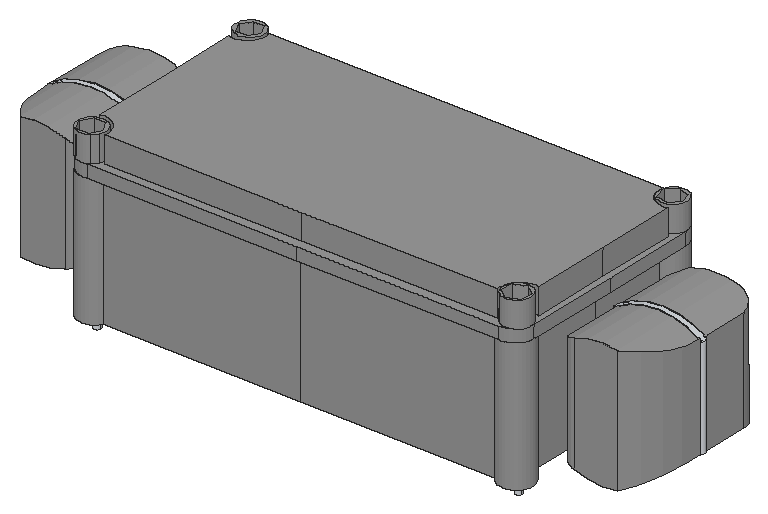
Revit family "LWP2LIFE-PRO-WPPOD-HV", category Lighting Fixtures, host Face, Revit 2020
Family settings
  Host = Face
  Round Connector Dimension = Use Diameter
  Part Type = Normal
  OmniClass Number = 23.80.70.11.21
  OmniClass Title = Emergency Lighting
  Cut with Voids When Loaded = No
  Light Source = Yes
  Shared = No
  Room Calculation Point = No
Parameters
  built-in parameter 1150107 = 3200 (stored number, unit not read)
  Straight line 'Face two' = no
  Straight line 'Face one' = no
  Straight line = no
  Runing Man common arrow = no
  Wattage = 9.2903 W
  built-in parameter 1150110 = 1 (stored number, unit not read)
  built-in parameter 1150109 = 1 (stored number, unit not read)
  built-in parameter 1114218 = 1 (stored number, unit not read)
  built-in parameter 1150113 = 1 (stored number, unit not read)
  built-in parameter 1150112 = 1 (stored number, unit not read)
  built-in parameter 1150137 = (empty or 0)
  built-in parameter 1150132 = (empty or 0)
  Model = ""
  Material = Clevertronics_White
  built-in parameter 1150105 = 109.82 (stored number, unit not read)
  built-in parameter 1150102 = (empty or 0)
  Dimming Lamp Color Temperature Shift = (empty or 0)
  Lumens = 1380 lm
  Color Filter = 16777215
  Photometric Web File = "CWP2LIFE-PRO-WPPOD_IESR_E_669-3_20180810.ies"
  built-in parameter 1114217 = 1 (stored number, unit not read)
  built-in parameter 1150139 = (empty or 0)
  Manufacturer = "Clevertronics"  # constant formula
  Lamp = "Twin Dual LED (Lifetime warranty on the lamp head and loom assembly)"  # constant formula
  Indication Right 'Face one' = no
  Indication Right = no
  Indication Left 'Face one' = yes
  Indication Left 'Face Two' = no
  Indication Left = yes
  built-in parameter 1150104 = 13.8 (stored number, unit not read)
  built-in parameter 1150106 = 1.0982 (stored number, unit not read)
  built-in parameter 1150115 = 1 (stored number, unit not read)
  built-in parameter 1150114 = 1 (stored number, unit not read)
  Description = "L10 Lithium Nanophosphate Lifelight Pro, high performance, IP65 surface mounted \r\nEmergency Light with twin rotatable LED Pods\r\nrotatable LED Pods"  # constant formula
  Default Elevation = 2100 mm
  built-in parameter 1150138 = (empty or 0)
  built-in parameter 1150134 = 3
  Clevertronics_Weight = "3.4kg"  # constant formula
  Clevertronics_Testing System = "Zoneworks XT HIVE (RF)"  # constant formula
  Clevertronics_Replacement Lamp = "2750353"  # constant formula
  Clevertronics_Replacement Battery = "1530050:Battery, L10 3.3V 2500mAh 70mm lead, no Bracket"  # constant formula
  Clevertronics_Product Description = "L10 Lithium Nanophosphate Lifelight Pro, high performance, IP65 surface mounted \r\nEmergency Light with twin rotatable LED Pods"  # constant formula
  Clevertronics_Power Consumption = "0.8 Watts (Standby), 5.5 Watts (Max)"  # constant formula
  Clevertronics_Part Number = "LWP2LIFE-PRO-WPPOD-HV"  # constant formula
  Clevertronics_Operating Voltage = "240V AC; 50Hz"  # constant formula
  Clevertronics_Operating Temperature = "0˚C to 40˚C"  # constant formula
  Clevertronics_Operating Mode = "Non-maintained"  # constant formula
  Clevertronics_Mounting = "Surface mount"  # constant formula
  Clevertronics_MIC Number = "AUT01820080001"  # constant formula
  Clevertronics_IP Rating = "IP65"  # constant formula
  Clevertronics_Dimensions Main Enclosure = "520mm x 180mm x 135mm"  # constant formula
  Clevertronics_Dimensions LED Enclosure = ""
  Clevertronics_Construction = "Polycarbonate"  # constant formula
  Clevertronics_Charger Method = "Intelligent current limited constant voltage"  # constant formula
  Clevertronics_Battery Type = "Lithium Nanophosphate"  # constant formula
  Clevertronics_Battery = "3.3V 2500mAh"  # constant formula
  Clevertronics_AS2293 Classification = "C0=D160 C90=D160"  # constant formula
  Tilt Angle = -60.00°
  built-in parameter 1150133 = 10 (stored number, unit not read)
Reference planes
  plane 1 "Centre (Front/Back)": y = 0
  plane 2: z = 0
  plane 3 "Centre (Left/Right)": x = 0
  plane 4: x = -260
  plane 5: x = 260
  plane 6: x = -180
  plane 7: x = 180
  plane 8: z = 135
  plane 9: z = 88.893
  plane 10: z = 90.032
  plane 11: z = 90.032
  plane 12: x = -226.351
  plane 13: y = 72.701
  plane 14: x = 226.351
  plane 15: y = 72.701
  plane 16: y = 36.567
  plane 17: y = 36.055
  plane 18: y = 36.055
  plane 19: x = -226.351
  plane 20: z = 62.299
  plane 21: x = 226.351
  plane 22: z = 62.299
Forms (mm)
  Extrusion 1, solid, material "Plastic, Opaque Black", not visible
    sketch origin (0.434, 0, -1.107) x (1, 0, 0) y (0, 0, 1)
      loop
        line (167.5, 90) -> (167.5, 153.759)
        arc (167.5, 153.759) -> (176.678, 174.399) -> (154.099, 173.75) r 13.346
        line (154.099, 173.75) -> (0, 173.75) -> (-157.642, 173.75)
        arc (-157.642, 173.75) -> (-180.146, 174.512) -> (-171.312, 153.801) r 13.346
        line (-171.312, 153.801) -> (-171.312, 90) -> (-171.312, 26.597)
        arc (-171.312, 26.597) -> (-181.17, 6.239) -> (-158.551, 6.25) r 13.346
        line (-158.551, 6.25) -> (0, 6.25) -> (154.099, 6.25)
        arc (154.099, 6.25) -> (176.678, 5.601) -> (167.5, 26.241) r 13.346
        line (167.5, 26.241) -> (167.5, 90)
    from -15.011 to -135
  Extrusion 2, solid, material "Plastic, Opaque Black", not visible
    sketch origin (0.813, 0, -0.543) x (1, 0, 0) y (0, 0, 1)
      loop
        arc (-175.488, 179.053) -> (-180.882, 174.233) -> (-183.423, 167.462) r 15.135
        arc (-183.423, 167.462) -> (-160.983, 160.611) -> (-175.488, 179.053) r 12.295
    from -15.011 to 0
  Extrusion 3, void, not visible
    sketch origin (-0.097, 0, 0.032) x (1, 0, 0) y (0, 0, 1)
      loop
        line (-166.821, 177.777) -> (-177.974, 174.788) -> (-180.963, 163.635) -> (-172.798, 155.47) -> (-161.644, 158.458) -> (-158.656, 169.612) -> (-166.821, 177.777)
    from -15.011 to 0
  Extrusion 4, solid, not visible
    sketch origin (-0.097, 0, 0.032) x (1, 0, 0) y (0, 0, 1)
      loop
        circle (168.404, 167.557) r 2.735
      loop
        circle (-168.404, 167.557) r 2.735
      loop
        circle (-168.404, 12.443) r 2.735
      loop
        circle (168.404, 12.443) r 2.735
    from -143.943 to -121.835
  Extrusion 5, solid, material "Plastic, Opaque Black", not visible
    sketch origin (1.371, 12.5, 0.032) x (0, 1, 0) y (0, 0, -1)
      loop
        circle (59.358, -90) r 11
    from 172.249 to 196.249
  Extrusion 6, solid, material "Plastic, Opaque Black", not visible
    sketch origin (-1.566, 12.5, 0.032) x (0, 1, 0) y (0, 0, 1)
      loop
        circle (59.358, 90) r 11
    from 172.249 to 196.249
  Extrusion 7, solid, material "Plastic, Opaque Black", not visible
    sketch origin (2.403, 135, 0.032) x (1, 0, 0) y (0, 0, -1)
      loop
        line (-182.781, -90) -> (-182.781, -165)
        arc (-182.781, -165) -> (-177.609, -176.393) -> (-165.629, -180) r 15.135
        line (-165.629, -180) -> (0, -180) -> (160.445, -180)
        arc (160.445, -180) -> (172.426, -176.393) -> (177.597, -165) r 15.135
        line (177.597, -165) -> (177.597, -90) -> (177.597, -13.75)
        arc (177.597, -13.75) -> (170.627, -1.006) -> (156.137, 0) r 15.135
        line (156.137, 0) -> (0, 0) -> (-161.321, 0)
        arc (-161.321, 0) -> (-175.811, -1.006) -> (-182.781, -13.75) r 15.135
        line (-182.781, -13.75) -> (-182.781, -90)
    from -119.989 to -108.841
  Extrusion 8, solid, material "Plastic, Opaque Black", not visible
    sketch origin (-0.097, 135, 0.032) x (1, 0, 0) y (0, 0, -1)
      loop
        arc (-175.137, -154.19) -> (-160.832, -158.237) -> (-157.036, -172.61) r 15
        line (-157.036, -172.61) -> (0.531, -172.61) -> (157.036, -172.61)
        arc (157.036, -172.61) -> (160.832, -158.237) -> (175.137, -154.19) r 15
        line (175.137, -154.19) -> (175.137, -90) -> (175.137, -25.81)
        arc (175.137, -25.81) -> (160.832, -21.763) -> (157.036, -7.39) r 15
        line (157.036, -7.39) -> (0.531, -7.39) -> (-157.036, -7.39)
        arc (-157.036, -7.39) -> (-160.832, -21.763) -> (-175.137, -25.81) r 15
        line (-175.137, -25.81) -> (-175.137, -90) -> (-175.137, -154.19)
    from -119.989 to -127.534
  Extrusion 9, solid, material "Plastic, Opaque Black", not visible
    sketch origin (307.03, 135, -15.069) x (1, 0, 0) y (0, 0, -1)
      loop
        circle (-138.804, -182.699) r 11
    from -135 to -114.915
  Extrusion 10, solid, material "Plastic, Opaque Black", not visible
    sketch origin (306.874, 135, 193.571) x (1, 0, 0) y (0, 0, -1)
      loop
        arc (-145.569, 191.608) -> (-147.471, 189.713) -> (-149.008, 187.511) r 15.135
        arc (-149.008, 187.511) -> (-130.225, 175.235) -> (-145.569, 191.608) r 11.3
    from -135 to -114.915
  Extrusion 11, solid, material "Plastic, Opaque Black", not visible
    sketch origin (-307.068, 135, 193.571) x (-1, 0, 0) y (0, 0, 1)
      loop
        arc (-143.85, -191.764) -> (-127.42, -174.478) -> (-147.289, -187.668) r 12
        arc (-147.289, -187.668) -> (-145.752, -189.869) -> (-143.85, -191.764) r 15.135
    from -135 to -114.915
  Extrusion 12, void, not visible
    sketch origin (-0.097, 134.989, 0.032) x (1, 0, 0) y (0, 0, -1)
      loop
        line (-170.288, -22.701) -> (-160.288, -16.928) -> (-160.288, -5.381) -> (-170.288, 0.393) -> (-180.288, -5.381) -> (-180.288, -16.928) -> (-170.288, -22.701)
    from -134.989 to -119.989
  Extrusion 13, void, not visible
    sketch origin (-0.41, 134.989, 0.032) x (1, 0, 0) y (0, 0, -1)
      loop
        line (159.928, -173.668) -> (169.806, -178.066) -> (178.34, -171.865) -> (177.21, -161.112) -> (167.573, -156.821) -> (158.825, -163.177) -> (159.928, -173.668)
    from -135 to -119.989
  Extrusion 14, void, not visible
    sketch origin (-0.41, 135, -0.28) x (1, 0, 0) y (0, 0, -1)
      loop
        line (164.895, -21.167) -> (175.272, -19.338) -> (178.876, -9.435) -> (172.103, -1.363) -> (161.725, -3.193) -> (158.121, -13.095) -> (164.895, -21.167)
    from -135 to -119.989
  Extrusion 15, solid, material "Glass, Matte", not visible
    sketch origin (0.05, 0, -33.75) x (1, 0, 0) y (0, 0, 1)
      loop
        line (-194.841, 112.413) -> (-259.656, 112.413)
        arc (-259.656, 112.413) -> (-254.739, 82.736) -> (-238.501, 57.413) r 74.597
        line (-238.501, 57.413) -> (-203.501, 57.413)
        arc (-203.501, 57.413) -> (-198.345, 58.484) -> (-194.841, 62.413) r 8.399
        line (-194.841, 62.413) -> (-194.841, 112.413)
    from -21.055 to -124.118
  Extrusion 16, solid, not visible
    sketch origin (5.003, 0, -33.75) x (1, 0, 0) y (0, 0, 1)
      loop
        line (-264.82, 112.376) -> (-231.354, 112.376) -> (-197.548, 112.376)
        arc (-197.548, 112.376) -> (-194.969, 114.978) -> (-197.593, 117.534) r 2.579
        line (-197.593, 117.534) -> (-231.354, 117.534) -> (-264.774, 117.534)
        arc (-264.774, 117.534) -> (-267.398, 114.978) -> (-264.82, 112.376) r 2.579
    from -21.055 to -124.118
  Extrusion 17, solid, material "Plastic, Opaque Black", not visible
    sketch origin (-455.196, 0, 195.355) x (-0.999987, 0, -0.005135) y (0.005135, 0, -0.999987)
      loop
        line (-194.841, 112.773) -> (-259.656, 112.773) -> (-259.656, 73.919)
        arc (-259.656, 73.919) -> (-256.152, 64.124) -> (-247.229, 58.775) r 15.441
        line (-247.229, 58.775) -> (-211.129, 58.775)
        arc (-211.129, 58.775) -> (-200.008, 63.146) -> (-194.841, 73.919) r 16.331
        line (-194.841, 73.919) -> (-194.841, 112.773)
    from -21.055 to -124.118
  Extrusion 18, void, not visible
    sketch origin (-0.163, 0.115, 0) x (-1, 0, 0) y (0, -1, 0)
      loop
        line (187.287, -133.323) -> (264.787, -133.323) -> (264.787, -110.324)
        arc (264.787, -110.324) -> (226.037, -123.825) -> (187.287, -110.324) r 62.361
        line (187.287, -110.324) -> (187.287, -133.323)
      loop
        line (187.287, -11.851) -> (187.287, -34.849)
        arc (187.287, -34.849) -> (226.037, -21.348) -> (264.787, -34.849) r 62.361
        line (264.787, -34.849) -> (264.787, -11.851) -> (187.287, -11.851)
    from 0 to 250
  Extrusion 19, solid, material "Glass, Matte", not visible
    sketch origin (-0.05, 0, -33.75) x (-1, 0, 0) y (0, 0, -1)
      loop
        line (-194.841, -112.413) -> (-194.841, -62.413)
        arc (-194.841, -62.413) -> (-198.345, -58.484) -> (-203.501, -57.413) r 8.399
        line (-203.501, -57.413) -> (-238.501, -57.413)
        arc (-238.501, -57.413) -> (-254.739, -82.736) -> (-259.656, -112.413) r 74.597
        line (-259.656, -112.413) -> (-194.841, -112.413)
    from -21.055 to -124.118
  Extrusion 20, solid, not visible
    sketch origin (-5.003, 0, -33.75) x (-1, 0, 0) y (0, 0, -1)
      loop
        arc (-264.82, -112.376) -> (-267.398, -114.978) -> (-264.774, -117.534) r 2.579
        line (-264.774, -117.534) -> (-231.354, -117.534) -> (-197.593, -117.534)
        arc (-197.593, -117.534) -> (-194.969, -114.978) -> (-197.548, -112.376) r 2.579
        line (-197.548, -112.376) -> (-231.354, -112.376) -> (-264.82, -112.376)
    from -21.055 to -124.118
  Extrusion 21, solid, material "Plastic, Opaque Black", not visible
    sketch origin (455.196, 0, 195.355) x (0.999987, 0, -0.005135) y (0.005135, 0, 0.999987)
      loop
        line (-194.841, -112.773) -> (-194.841, -73.919)
        arc (-194.841, -73.919) -> (-200.008, -63.146) -> (-211.129, -58.775) r 16.331
        line (-211.129, -58.775) -> (-247.229, -58.775)
        arc (-247.229, -58.775) -> (-256.152, -64.124) -> (-259.656, -73.919) r 15.441
        line (-259.656, -73.919) -> (-259.656, -112.773) -> (-194.841, -112.773)
    from -21.055 to -124.118
  Extrusion 22, void, not visible
    sketch origin (0.163, 0.115, 0) x (1, 0, 0) y (0, 1, 0)
      loop
        line (187.287, 133.323) -> (187.287, 110.324)
        arc (187.287, 110.324) -> (226.037, 123.825) -> (264.787, 110.324) r 62.361
        line (264.787, 110.324) -> (264.787, 133.323) -> (187.287, 133.323)
      loop
        line (187.287, 11.851) -> (264.787, 11.851) -> (264.787, 34.849)
        arc (264.787, 34.849) -> (226.037, 21.348) -> (187.287, 34.849) r 62.361
        line (187.287, 34.849) -> (187.287, 11.851)
    from 0 to 250
  Extrusion 23, solid, material "Laminate, White"
    sketch origin (0.434, -53.433, 135) x (1, 0, 0) y (0, 1, 0)
      loop
        line (167.5, 90) -> (167.5, 153.759)
        arc (167.5, 153.759) -> (176.678, 174.399) -> (154.099, 173.75) r 13.346
        line (154.099, 173.75) -> (0, 173.75) -> (-157.642, 173.75)
        arc (-157.642, 173.75) -> (-180.146, 174.512) -> (-171.312, 153.801) r 13.346
        line (-171.312, 153.801) -> (-171.312, 90) -> (-171.312, 26.597)
        arc (-171.312, 26.597) -> (-181.17, 6.239) -> (-158.551, 6.25) r 13.346
        line (-158.551, 6.25) -> (0, 6.25) -> (154.831, 6.25)
        arc (154.831, 6.25) -> (177.612, 5.91) -> (167.5, 26.326) r 13.346
        line (167.5, 26.326) -> (167.5, 90)
    from -30 to -135
  Extrusion 24, solid
    sketch origin (-0.097, -52.294, 135) x (1, 0, 0) y (0, 1, 0)
      loop
        circle (168.404, 167.557) r 2.735
      loop
        circle (-168.404, 167.557) r 2.735
      loop
        circle (-168.404, 12.443) r 2.735
      loop
        circle (168.404, 12.443) r 2.735
    from -143.943 to -130
  Extrusion 25, solid, material "Laminate, White"
    sketch origin (1.371, -52.294, 122.5) x (0, 0, -1) y (0, -1, 0)
      loop
        circle (59.358, -90) r 11
    from 172.249 to 196.249
  Extrusion 26, solid, material "Laminate, White"
    sketch origin (-1.566, -52.294, 122.5) x (0, 0, -1) y (0, 1, 0)
      loop
        circle (59.358, 90) r 11
    from 172.249 to 196.249
  Extrusion 27, solid, material "Laminate, White"
    sketch origin (2.343, 126.055, 246.281) x (1, 0, 0) y (0, 1, 0)
      loop
        line (-185.208, -90) -> (-185.208, -165)
        arc (-185.208, -165) -> (-180.037, -176.393) -> (-168.056, -180) r 15.135
        line (-168.056, -180) -> (0, -180) -> (160.445, -180)
        arc (160.445, -180) -> (172.426, -176.393) -> (177.597, -165) r 15.135
        line (177.597, -165) -> (177.597, -90) -> (177.597, -13.75)
        arc (177.597, -13.75) -> (170.627, -1.006) -> (156.137, 0) r 15.135
        line (156.137, 0) -> (0, 0) -> (-163.748, 0)
        arc (-163.748, 0) -> (-178.239, -1.006) -> (-185.208, -13.75) r 15.135
        line (-185.208, -13.75) -> (-185.208, -90)
    from -131.343 to -141.343
  Extrusion 28, solid, material "Laminate, White"
    sketch origin (-0.157, 126.055, 251.281) x (1, 0, 0) y (0, 1, 0)
      loop
        arc (-175.137, -154.19) -> (-160.832, -158.237) -> (-157.036, -172.61) r 15
        line (-157.036, -172.61) -> (0.531, -172.61) -> (157.036, -172.61)
        arc (157.036, -172.61) -> (160.832, -158.237) -> (175.137, -154.19) r 15
        line (175.137, -154.19) -> (175.137, -90) -> (175.137, -25.81)
        arc (175.137, -25.81) -> (160.832, -21.763) -> (157.036, -7.39) r 15
        line (157.036, -7.39) -> (0.531, -7.39) -> (-157.036, -7.39)
        arc (-157.036, -7.39) -> (-160.832, -21.763) -> (-175.137, -25.81) r 15
        line (-175.137, -25.81) -> (-175.137, -90) -> (-175.137, -154.19)
    from -115.903 to -136.343
  Extrusion 29, solid, material "Laminate, White"
    sketch origin (306.784, -67.806, 258.781) x (1, 0, 0) y (0, 1, 0)
      loop
        arc (-145.569, 191.608) -> (-147.471, 189.713) -> (-149.008, 187.511) r 15.135
        arc (-149.008, 187.511) -> (-130.225, 175.235) -> (-145.569, 191.608) r 11.3
    from -143.843 to -123.403
  Extrusion 30, solid, material "opaque"
    sketch origin (0.05, -86.076, 135) x (1, 0, 0) y (0, 1, 0)
      loop
        line (-194.841, 112.413) -> (-259.656, 112.413)
        arc (-259.656, 112.413) -> (-254.739, 82.736) -> (-238.501, 57.413) r 74.597
        line (-238.501, 57.413) -> (-203.501, 57.413)
        arc (-203.501, 57.413) -> (-198.345, 58.484) -> (-194.841, 62.413) r 8.399
        line (-194.841, 62.413) -> (-194.841, 112.413)
    from -21.055 to -124.118
  Extrusion 31, solid
    sketch origin (5.003, -86.076, 135) x (1, 0, 0) y (0, 1, 0)
      loop
        line (-264.82, 112.376) -> (-231.354, 112.376) -> (-197.548, 112.376)
        arc (-197.548, 112.376) -> (-194.969, 114.978) -> (-197.593, 117.534) r 2.579
        line (-197.593, 117.534) -> (-231.354, 117.534) -> (-264.774, 117.534)
        arc (-264.774, 117.534) -> (-267.398, 114.978) -> (-264.82, 112.376) r 2.579
    from -21.055 to -124.118
  Extrusion 32, solid, material "Laminate, White"
    sketch origin (-455.196, 143.029, 135) x (-0.999987, -0.005135, 0) y (0.005135, -0.999987, 0)
      loop
        line (-194.841, 112.773) -> (-259.656, 112.773) -> (-259.656, 73.919)
        arc (-259.656, 73.919) -> (-256.152, 64.124) -> (-247.229, 58.775) r 15.441
        line (-247.229, 58.775) -> (-211.129, 58.775)
        arc (-211.129, 58.775) -> (-200.008, 63.146) -> (-194.841, 73.919) r 16.331
        line (-194.841, 73.919) -> (-194.841, 112.773)
    from -21.055 to -124.118
  Extrusion 33, void
    sketch origin (-0.163, -52.326, 134.885) x (-1, 0, 0) y (0, 0, 1)
      loop
        line (187.287, -133.323) -> (264.787, -133.323) -> (264.787, -110.324)
        arc (264.787, -110.324) -> (226.037, -123.825) -> (187.287, -110.324) r 62.361
        line (187.287, -110.324) -> (187.287, -133.323)
      loop
        line (187.287, -11.851) -> (187.287, -34.849)
        arc (187.287, -34.849) -> (226.037, -21.348) -> (264.787, -34.849) r 62.361
        line (264.787, -34.849) -> (264.787, -11.851) -> (187.287, -11.851)
    from 0 to 250
  Extrusion 34, solid, material "opaque"
    sketch origin (-0.05, -86.076, 135) x (-1, 0, 0) y (0, -1, 0)
      loop
        line (-194.841, -112.413) -> (-194.841, -62.413)
        arc (-194.841, -62.413) -> (-198.345, -58.484) -> (-203.501, -57.413) r 8.399
        line (-203.501, -57.413) -> (-238.501, -57.413)
        arc (-238.501, -57.413) -> (-254.739, -82.736) -> (-259.656, -112.413) r 74.597
        line (-259.656, -112.413) -> (-194.841, -112.413)
    from -21.055 to -124.118
  Extrusion 35, solid
    sketch origin (-5.003, -86.076, 135) x (-1, 0, 0) y (0, -1, 0)
      loop
        arc (-264.82, -112.376) -> (-267.398, -114.978) -> (-264.774, -117.534) r 2.579
        line (-264.774, -117.534) -> (-231.354, -117.534) -> (-197.593, -117.534)
        arc (-197.593, -117.534) -> (-194.969, -114.978) -> (-197.548, -112.376) r 2.579
        line (-197.548, -112.376) -> (-231.354, -112.376) -> (-264.82, -112.376)
    from -21.055 to -124.118
  Extrusion 36, solid, material "Laminate, White"
    sketch origin (455.196, 143.029, 135) x (0.999987, -0.005135, 0) y (0.005135, 0.999987, 0)
      loop
        line (-194.841, -112.773) -> (-194.841, -73.919)
        arc (-194.841, -73.919) -> (-200.008, -63.146) -> (-211.129, -58.775) r 16.331
        line (-211.129, -58.775) -> (-247.229, -58.775)
        arc (-247.229, -58.775) -> (-256.152, -64.124) -> (-259.656, -73.919) r 15.441
        line (-259.656, -73.919) -> (-259.656, -112.773) -> (-194.841, -112.773)
    from -21.055 to -124.118
  Extrusion 37, void
    sketch origin (0.163, -52.326, 134.885) x (1, 0, 0) y (0, 0, -1)
      loop
        line (187.287, 133.323) -> (187.287, 110.324)
        arc (187.287, 110.324) -> (226.037, 123.825) -> (264.787, 110.324) r 62.361
        line (264.787, 110.324) -> (264.787, 133.323) -> (187.287, 133.323)
      loop
        line (187.287, 11.851) -> (264.787, 11.851) -> (264.787, 34.849)
        arc (264.787, 34.849) -> (226.037, 21.348) -> (187.287, 34.849) r 62.361
        line (187.287, 34.849) -> (187.287, 11.851)
    from 0 to 250
  Extrusion 38, solid, material "Laminate, White"
    sketch origin (-309.716, -66.712, 251.281) x (-1, 0, 0) y (0, -1, 0)
      loop
        arc (-145.569, -191.608) -> (-130.225, -175.235) -> (-149.008, -187.511) r 11.3
        arc (-149.008, -187.511) -> (-147.471, -189.713) -> (-145.569, -191.608) r 15.135
    from -136.343 to -115.903
  Extrusion 39, solid, material "Laminate, White"
    sketch origin (-309.56, 140.071, 251.281) x (-1, 0, 0) y (0, -1, 0)
      loop
        arc (-145.569, 191.608) -> (-147.471, 189.713) -> (-149.008, 187.511) r 15.135
        arc (-149.008, 187.511) -> (-130.225, 175.235) -> (-145.569, 191.608) r 11.3
    from -136.343 to -115.903
  Extrusion 40, solid, material "Laminate, White"
    sketch origin (307.097, 141.165, 258.781) x (1, 0, 0) y (0, 1, 0)
      loop
        arc (-145.569, -191.608) -> (-130.225, -175.235) -> (-149.008, -187.511) r 11.3
        arc (-149.008, -187.511) -> (-147.471, -189.713) -> (-145.569, -191.608) r 15.135
    from -143.843 to -123.403
  Extrusion 41, void
    sketch origin (0.565, 0.625, -15.061) x (1, 0, 0) y (0, 1, 0)
      loop
        line (-166.454, 123.546) -> (-176.018, 123.546) -> (-180.8, 115.263) -> (-176.018, 106.98) -> (-166.454, 106.98) -> (-161.672, 115.263) -> (-166.454, 123.546)
    from 131.308 to 163.58
  Extrusion 42, void
    sketch origin (-0.528, -0.469, -7.561) x (1, 0, 0) y (0, 1, 0)
      loop
        line (158.746, 117.974) -> (161.332, 108.322) -> (170.983, 105.736) -> (178.048, 112.801) -> (175.462, 122.453) -> (165.811, 125.039) -> (158.746, 117.974)
    from 131.308 to 151.428
  Extrusion 43, void
    sketch origin (0.565, 0.938, -7.561) x (1, 0, 0) y (0, 1, 0)
      loop
        line (168.253, -32.155) -> (158.919, -36.507) -> (158.021, -46.767) -> (166.458, -52.675) -> (175.792, -48.322) -> (176.69, -38.062) -> (168.253, -32.155)
    from 131.308 to 156.891
  Extrusion 44, void
    sketch origin (-3.185, -1.771, -15.061) x (1, 0, 0) y (0, 1, 0)
      loop
        line (-172.955, -32.144) -> (-177.959, -40.812) -> (-172.955, -49.479) -> (-162.947, -49.479) -> (-157.943, -40.812) -> (-162.947, -32.144) -> (-172.955, -32.144)
    from 131.308 to 151.428
Cuts and joins
  Extrusion 33 cuts Extrusion 30
  Extrusion 33 cuts Extrusion 31
  Extrusion 33 cuts Extrusion 32
  Extrusion 37 cuts Extrusion 34
  Extrusion 37 cuts Extrusion 35
  Extrusion 37 cuts Extrusion 36
  Extrusion 41 cuts Extrusion 38
  Extrusion 42 cuts Extrusion 29
  Extrusion 43 cuts Extrusion 40
  Extrusion 44 cuts Extrusion 39
Dimensions and locks
  plane 5 to plane 4 = 520 mm
  plane 8 to level = 135 mm  (x2)
  plane 5 to plane 3 "Centre (Left/Right)" to plane 4 = 260 mm, 260 mm
  plane 6 to plane 4 = 80 mm
  plane 5 to plane 7 = 80 mm
  plane 4 to plane 5 = 520 mm
  Extrusion 27 to Extrusion 27 = 180 mm
  aligned and locked: plane 2 to host face
  aligned and locked: level to host face
Connectors
  electrical at (-1.125, 36.607, 0)
    settings: on Extrusion 23, index 1, voltage 0 V, apparent load 0 VA, apparent load phase1 0 VA, apparent load phase2 0 VA, apparent load phase3 0 VA, power factor 1, load classification "Autre", number of poles 1, system type 31, power factor state 1, is connector primary yes, connector utility no, sub classification motor no, connector description ""
